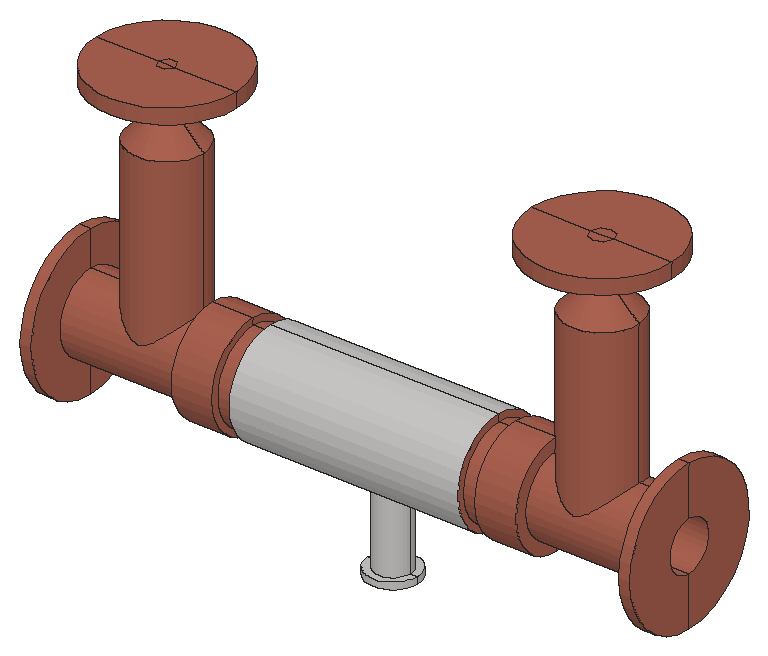
Revit family "Barracuda 40", category Pipe Accessories, Revit 2018
Family settings
  Round Connector Dimension = Use Radius
  Part Type = Valve - Breaks Into
  OmniClass Number = 23.65.55.14.21
  OmniClass Title = Non-Return Valves for Liquid Services
  Work Plane-Based = No
  Always vertical = Yes
  Cut with Voids When Loaded = No
  Shared = Yes
Parameters (values of type "2.5"")
  Warranty Information = "1 Year (Limited)"
  URL = "http://www.amesfirewater.com"
  Type Comments = ""
  Shipping Weight = 118.00 lbf
  Region = "North America"  # constant formula
  Product data url = "https://bimobject.com/ames-fire-and-waterworks/product/c400"
  Product Page URL = "http://www.amesfirewater.com/Products/C400_C400N_C400Z"
  Product Documentation Link = "http://media.wattswater.com/ES-A-C400-C400N-C400Z.pdf"
  Price = "Prices may vary. Please consult Manufacturer Representative for most up-to-date price list."  # constant formula
  Nominal Radius = 1.25"
  Nominal Height = 6.50"
  Nominal Diameter = Nominal Radius * 2  # 2.50"
  Model = "C400"  # constant formula
  Max. Working Pressure = " 175psi (12.1 bar)"  # constant formula
  Material = "304 Series-Stainless Steel"  # constant formula
  Manufacturer Product Line = "Backflow Prevention"  # constant formula
  Manufacturer = "AMES Fire & Waterworks"  # constant formula
  GV_Inlet_To_GV_Outlet = 30.69922"
  GV_Handle_Rad = 3.53125"
  GV_Handle_Height = 12.50"
  Description = "Series C400, C400N, C400Z Reduced Pressure Zone Assemblies prevent the reverse flow of polluted water from entering into the potable water supply due to backsiphonage and or backpressure. It consists of stainless steel body, sleeve and torsion spring check valves. Series C400, C400N, C400Z has a compact design that is 70% lighter than traditional designs, and is ideal for health hazard piping applications for protection against backsiphonage or backpressure. Check with local water authorities for installation requirements. Maximum Working Pressure: 175psi (12.06 bar)."  # constant formula
  Creation Date = "06/06/2022"  # constant formula
  Country = "United States"  # constant formula
  Connection Type = "Flanged Connection"  # constant formula
  Connection Size = Nominal Diameter  # 2.50"
  Connection Radius = Nominal Radius  # 1.25"
  Connection Outlet Description = "2.5\" Connection Outlet"
  Connection Inlet Description = "2.5\" Connection Inlet"
  Assembly Code = "D2090800"
Types (6): name | Shipping Weight | Nominal Radius | Nominal Height | Nominal Diameter | GV_Inlet_To_GV_Outlet | GV_Handle_Rad | GV_Handle_Height | Connection Size | Connection Radius | Connection Outlet Description | Connection Inlet Description
  (no name) | 118.00 lbf | 1.25" | 6.50" | 2.50" | 30.69922" | 3.53125" | 12.50" | 2.50" | 1.25" | "2.5\" Connection Outlet" | "2.5\" Connection Inlet"
  2.5" | 118.00 lbf | 1.25" | 6.50" | 2.50" | 30.69922" | 3.53125" | 12.50" | 2.50" | 1.25" | "2.5\" Connection Outlet" | "2.5\" Connection Inlet"
  3" | 134.00 lbf | 1.50" | 6.6875" | 3.00" | 31.60156" | 3.75" | 13.50" | 3.00" | 1.50" | "3\" Connection Outlet" | "3\" Connection Inlet"
  4" | 164.00 lbf | 2.00" | 7.00" | 4.00" | 33.69922" | 4.50" | 14.00" | 4.00" | 2.00" | "4\" Connection Outlet" | "4\" Connection Inlet"
  6" | 276.00 lbf | 3.00" | 8.50" | 6.00" | 42.69922" | 5.50" | 18.10156" | 6.00" | 3.00" | "6\" Connection Outlet" | "6\" Connection Inlet"
  8" | 441.00 lbf | 4.00" | 9.6875" | 8.00" | 44.60156" | 6.75" | 22.00" | 8.00" | 4.00" | "8\" Connection Outlet" | "8\" Connection Inlet"
Reference planes (in)
  plane 1 "Center (Front/Back)": y = 0
  plane 2: z = 0
  plane 3 "Center (Left/Right)": x = 0
  plane 4: x = -15.34961
  plane 5: x = 15.34961
  plane 6: z = 12.5
  plane 7: x = -10.96461
  plane 8: x = 10.96461
  plane 9: x = -8.66461
  plane 10: x = -6.61461
  plane 11: x = -5.74461
  plane 12: x = 8.66461
  plane 13: x = 6.61461
  plane 14: x = -14.79961
  plane 15: x = 14.79961
  plane 16: x = 14.49586
  plane 17: x = -14.49586
  plane 18: z = 1.25
  plane 19: z = 1.96733
  plane 20: z = 2.58
  plane 21: z = 3.74
  plane 22: z = 2.245
  plane 23: z = -1.25
  plane 24: z = -1.96733
  plane 25: z = -2.58
  plane 26: z = -3.74
  plane 27: z = -2.245
  plane 28: z = 0.5
  plane 29: z = -0.5
  plane 30: y = 1.25
  plane 31: y = -1.25
  plane 32: y = 1.85
  plane 33: y = -1.85
  plane 34: y = 12.57
  plane 35: y = 8.57
  plane 36: y = 0.58
  plane 37: y = -0.58
  plane 38: y = 1.96733
  plane 39: y = 2.245
  plane 40: y = 2.58
  plane 41: x = -8.13961
  plane 42: x = -7.13961
  plane 43: y = 3.74
  plane 44: y = 10.07
  plane 45: x = 8.13961
  plane 46: x = 7.13961
  plane 47: y = 11.07
  plane 48: y = -1.96733
  plane 49: y = -2.245
  plane 50: y = -2.58
  plane 51: y = -3.74
  plane 52: y = 1.25
  plane 53: y = 3.53125
  plane 54: y = -1.25
  plane 55: y = -3.53125
  plane 56: x = -15.375
  plane 57: x = -7.6875
  plane 58: x = 0
  plane 59: x = 7.6875
  plane 60: x = 15.375
  plane 61: x = -3.02
  plane 62: x = -8.66461
  plane 63: x = -6.61461
  plane 64: x = -5.74461
  plane 65: x = 0.42539
  plane 66: x = 5.74461
Forms (in)
  Revolve 1, solid, material "Metal-AMES-Bronze Nickel Plated"
    sketch origin (-15.74, 0, 0) x (1, 0, 0) y (0, 0, 1)
      loop
        line (7.07539, 1.96733) -> (0.94039, 1.96733) -> (0.94039, 3.74) -> (0.39039, 3.74) -> (0.39039, 1.25) -> (2.92419, 1.25) -> (2.92419, 0) -> (28.5608, 0) -> (28.5608, 1.25) -> (31.08961, 1.25) -> (31.08961, 3.74) -> (30.53961, 3.74) -> (30.53961, 1.96733) -> (24.40461, 1.96733) -> (24.40461, 2.58) -> (22.35461, 2.58) -> (22.35461, 2.245) -> (21.48461, 2.245) -> (21.48461, 2.58) -> (9.99539, 2.58) -> (9.99539, 2.245) -> (9.12539, 2.245) -> (9.12539, 2.58) -> (7.07539, 2.58) -> (7.07539, 1.96733)
      axis (0.39039, 0) -> (31.08961, 0)
    angle from 0 to 360
  Revolve 2, solid, material "Metal-AMES-304 Series-Stainless Steel"
    sketch origin (-15.292, 0, 0) x (1, 0, 0) y (0, 0, 1)
      loop
        line (15.33739, 0.5) -> (15.33739, -0.08) -> (14.83739, -0.08) -> (14.83739, -6.1734) -> (14.46739, -6.1734) -> (14.46739, -6.5) -> (15.71739, -6.5) -> (15.71739, 0.5) -> (15.33739, 0.5)
      axis (15.71739, 0.5) -> (15.71739, -6.5)
    angle from 0 to 360
  Revolve 3, solid, material "Metal-AMES-Bronze Nickel Plated"
    sketch origin (17.115, 0, 0) x (-1, 0, 0) y (0, 0, -1)
      loop
        line (6.15039, 0) -> (4.30039, 0) -> (4.30039, -9.1125) -> (5.60039, -10.4125) -> (5.60039, -11.75) -> (2.61914, -11.75) -> (2.61914, -12.5) -> (5.58851, -12.5) -> (6.15039, -12.5) -> (6.15039, 0)
      axis (6.15039, -12.5) -> (6.15039, 0)
    angle from 0 to 360
  Revolve 4, solid, material "Metal-AMES-Bronze Nickel Plated"
    sketch origin (-17.115, 0, 0) x (1, 0, 0) y (0, 0, 1)
      loop
        line (6.15039, 0) -> (6.15039, 12.5) -> (5.73512, 12.5) -> (2.61914, 12.5) -> (2.61914, 11.75) -> (5.60039, 11.75) -> (5.60039, 10.4125) -> (4.30039, 9.1125) -> (4.30039, 0) -> (6.15039, 0)
      axis (6.15039, 12.5) -> (6.15039, 0)
    angle from 0 to 360
Lines and regions (in)
  Masking region 1, detail levels fine
    outline origin (0, 0, 0) x (1, 0, 0) y (0, 1, 0)
      loop
        line (-15.34961, 3.74) -> (-15.34961, -3.74) -> (-14.79961, -3.74) -> (-14.79961, -1.96733) -> (-8.66461, -1.96733) -> (-8.66461, -2.58) -> (-6.61461, -2.58) -> (-6.61461, -2.245) -> (-5.74461, -2.245) -> (-5.74461, -2.58) -> (0, -2.58) -> (0, -2.245) -> (6.61461, -2.245) -> (6.61461, -2.58) -> (8.66461, -2.58) -> (8.66461, -1.96733) -> (14.79961, -1.96733) -> (14.79961, -3.74) -> (15.34961, -3.74) -> (15.34961, 3.74) -> (14.79961, 3.74) -> (14.79961, 1.96733) -> (8.66461, 1.96733) -> (8.66461, 2.58) -> (6.61461, 2.58) -> (6.61461, 2.245) -> (0, 2.245) -> (0, 2.58) -> (-5.74461, 2.58) -> (-5.74461, 2.245) -> (-6.61461, 2.245) -> (-6.61461, 2.58) -> (-8.66461, 2.58) -> (-8.66461, 1.96733) -> (-14.79961, 1.96733) -> (-14.79961, 3.74) -> (-15.34961, 3.74)
  Masking region 2, detail levels fine
    outline origin (0, 0, 0) x (1, 0, 0) y (0, 1, 0)
      loop
        circle (-10.96461, 0) r 3.53125
      loop
        circle (10.96461, 0) r 3.53125
  symbolic lines, style "PipeAccessory", detail levels fine
    curve 1: line (-14.79961, -1.96733, 0) -> (-14.79961, 1.96733, 0)
    curve 2: line (-6.61461, -2.245, 0) -> (-6.61461, 2.245, 0)
    curve 3: line (-5.74461, -2.245, 0) -> (-5.74461, 2.245, 0)
    curve 4: line (0, -2.245, 0) -> (0, 2.245, 0)
    curve 5: line (6.61461, -2.245, 0) -> (6.61461, 2.245, 0)
    curve 6: line (-8.13961, 2.58, 0) -> (-7.13961, 2.58, 0)
    curve 7: line (7.13961, 2.58, 0) -> (8.13961, 2.58, 0)
    curve 8: line (14.79961, 1.96733, 0) -> (14.79961, -1.96733, 0)
    curve 9: circle (0.42539, 0, 0) r 0.38 normal (0, 0, 1)
    curve 10: circle (0.42539, 0, 0) r 0.88 normal (0, 0, 1)
    curve 11: circle (0.42539, 0, 0) r 1.25 normal (0, 0, 1)
  model lines, detail levels coarse+medium
    curve 12: line (-15.375, 1.41021, 0) -> (-15.375, -1.41021, 0)
    curve 13: line (-7.6875, 1.41021, 0) -> (-7.6875, -1.41021, 0)
    curve 14: line (-7.6875, 1.41021, 0) -> (0, -1.41021, 0)
    curve 15: line (0, -1.41021, 0) -> (0, 1.41021, 0)
    curve 16: line (-7.6875, 1.41021, 0) -> (-15.375, -1.41021, 0)
    curve 17: line (-15.375, 1.41021, 0) -> (-7.6875, -1.41021, 0)
    curve 18: line (-11.53125, 0, 0) -> (-11.53125, 1.41021, 0)
    curve 19: line (-11.53125, 1.41021, 0) -> (-11.05284, 1.41021, 0)
    curve 20: line (7.6875, 1.41021, 0) -> (7.6875, -1.41021, 0)
    curve 21: line (15.375, 1.41021, 0) -> (15.375, -1.41021, 0)
    curve 22: line (15.375, 1.41021, 0) -> (7.6875, -1.41021, 0)
    curve 23: line (7.6875, 1.41021, 0) -> (15.375, -1.41021, 0)
    curve 24: line (11.53125, 0, 0) -> (11.53125, 1.41021, 0)
    curve 25: line (11.05128, 1.41021, 0) -> (11.53125, 1.41021, 0)
    curve 26: line (0, 1.41021, 0) -> (7.6875, -1.41021, 0)
Dimensions and locks (in)
  "GV_Inlet_To_GV_Outlet": plane 5 to plane 4
  "GV_Handle_Height": plane 6 to plane 2
  equal spacing: plane 8, plane 3 "Center (Left/Right)", plane 7
  locked: plane 7 to plane 4 at 4.385
  locked: plane 8 to plane 5 at 4.385
  locked: plane 9 to plane 7 at 2.3
  locked: plane 8 to plane 12 at 2.3
  locked: plane 9 to plane 10 at 2.05
  locked: plane 10 to plane 11 at 0.87
  locked: plane 12 to plane 13 at 2.05
  locked: plane 14 to plane 4 at 0.55
  locked: plane 5 to plane 15 at 0.55
  "GV_Handle_Rad": plane 8 to plane 16
  locked: Revolve 1 sketch curve to plane 18 at 2.49  (x2)
  "Nominal Radius": plane 18 to plane 2
  locked: Revolve 1 sketch curve to plane 18 at 0.71733  (x2)
  locked: Revolve 1 sketch curve to plane 18 at 1.33
  locked: Revolve 1 sketch curve to plane 18 at 0.995
  "GV_Handle_Rad": plane 17 to plane 7
  locked: plane 8 to Revolve 1 sketch curve at 1.85619
  locked: plane 7 to Revolve 1 sketch curve at 1.8512
  locked: plane 19 to plane 18 at 0.71733
  locked: plane 20 to plane 19 at 0.61267
  locked: plane 21 to plane 22 at 1.495
  locked: plane 22 to plane 18 at 0.995
  locked: Revolve 4 sketch curve to plane 7 at 1.85
  locked: plane 8 to Revolve 3 sketch curve at 1.85
  "Nominal Radius": level to plane 23
  locked: plane 25 to plane 24 at 0.61267
  locked: plane 26 to plane 27 at 1.495
  locked: plane 23 to plane 24 at 0.71733
  locked: plane 23 to plane 27 at 0.995
  plane 7 to plane 41 to plane 42 = 2.825" locked, 1.00" locked
  plane 46 to plane 45 to plane 8 = 1.00" locked, 2.825" locked
  plane 43 to plane 40 to plane 39 to plane 38 to plane 52 = 1.16" locked, 0.335" locked, 0.27767" locked, 0.71733" locked
  "Nominal Radius": plane 52 to plane 1 "Center (Front/Back)"
  "GV_Handle_Rad": plane 53 to plane 1 "Center (Front/Back)"
  plane 51 to plane 50 to plane 49 to plane 48 to plane 54 = 1.16" locked, 0.335", 0.27767", 0.71733" locked
  "Nominal Radius": plane 54 to plane 1 "Center (Front/Back)"
  "GV_Handle_Rad": plane 1 "Center (Front/Back)" to plane 55
  plane 5 to plane 4 = 30.69922"
  locked: plane 56 to plane 57 at 7.6875
  locked: plane 57 to plane 58 at 7.6875
  locked: plane 58 to plane 59 at 7.6875
  locked: plane 59 to plane 60 at 7.6875
  locked: curve 19 to plane 57 at 3.36534
  plane 59 to curve 25 = 3.36378"
  equal spacing: plane 56, curve 18, plane 57
  equal spacing: plane 59, curve 24, plane 60
  locked: plane 62 to plane 7 at 2.3
  locked: plane 62 to plane 63 at 2.05
  locked: plane 63 to plane 64 at 0.87
  plane 64 to plane 58 to plane 65 = 5.74461", 0.42539"
  "Nominal Height": level to Revolve 2 sketch curve
  locked: Revolve 2 sketch curve to plane 65 at 0.88
  locked: Revolve 2 sketch curve to plane 65 at 1.25
  locked: Revolve 2 sketch curve to Revolve 2 sketch curve at 0.3266
  locked: plane 66 to plane 13 at 0.87
  plane 6 to Revolve 4 sketch curve to Revolve 4 sketch curve to Revolve 4 sketch curve = 0.75" locked, 1.3375" locked, 1.30" locked
  plane 6 to Revolve 3 sketch curve to Revolve 3 sketch curve to Revolve 3 sketch curve = 0.75" locked, 1.3375" locked, 1.30" locked
  Revolve 2 sketch curve to level to Revolve 2 sketch curve = 0.50" locked, 0.08" locked
  aligned and locked: Revolve 3 sketch curve to plane 16
  aligned and locked: plane 6 to Revolve 3  (x2)
  aligned and locked: Revolve 4 sketch curve to plane 17
  aligned and locked: Revolve 4 to plane 6
  aligned and locked: plane 18 to Revolve 1 sketch curve
  aligned and locked: Revolve 4 sketch curve to level
  aligned and locked: level to Revolve 1 sketch curve
  aligned and locked: Revolve 1 sketch curve to plane 20
  aligned and locked: Revolve 1 to plane 4
  aligned and locked: plane 5 to Revolve 1
  aligned and locked: Revolve 1 to plane 15  (x2)
  aligned and locked: Masking region 1 sketch curve to plane 43
  aligned and locked: Masking region 1 sketch curve to plane 51
  aligned and locked: Masking region 1 sketch curve to Masking region 1 sketch curve  (x3)
  aligned and locked: Masking region 1 sketch curve to plane 40
  aligned and locked: plane 50 to Masking region 1 sketch curve
  aligned and locked: Masking region 1 sketch curve to plane 39
  aligned and locked: plane 49 to Masking region 1 sketch curve
  aligned and locked: Masking region 1 to plane 15  (x2)
  aligned and locked: Masking region 1 to Revolve 1
  aligned and locked: Masking region 1 to curve 8  (x2)
  aligned and locked: Masking region 1 to curve 5  (x2)
  aligned and locked: Masking region 1 to curve 4  (x2)
  aligned and locked: Masking region 1 to curve 3  (x2)
  aligned and locked: Masking region 1 to curve 2  (x2)
  aligned and locked: Masking region 1 to curve 1  (x2)
  aligned and locked: Masking region 1 to curve 6
  aligned and locked: curve 10 to Revolve 2
  aligned and locked: curve 9 to Revolve 2
  aligned and locked: Masking region 2 sketch curve to Revolve 4
  aligned and locked: Masking region 2 sketch curve to Revolve 3
  aligned and locked: curve 12 to plane 56
  aligned and locked: curve 13 to plane 57
  aligned and locked: plane 58 to curve 15
  aligned and locked: curve 20 to plane 59
  aligned and locked: curve 21 to plane 60
  aligned and locked: plane 3 "Center (Left/Right)" to plane 58
  aligned and locked: plane 65 to Revolve 2 sketch curve
  aligned and locked: plane 2 to Revolve 3 sketch curve
  aligned and locked: plane 12 to Revolve 1 sketch curve
  aligned and locked: Revolve 1 sketch curve to plane 9
  aligned and locked: plane 10 to Revolve 1 sketch curve
  aligned and locked: Revolve 1 sketch curve to plane 11
  aligned and locked: Revolve 1 sketch curve to plane 13
  aligned and locked: plane 14 to Revolve 1
  aligned and locked: Revolve 1 sketch curve to plane 22
  aligned and locked: plane 66 to Revolve 1 sketch curve
Automatic sketch dimensions
  Revolve 4 sketch curve to level = 0.00"
  Revolve 4 sketch curve to plane 7 = 0.00"  (x2)
  Revolve 4 sketch curve to plane 7 = 0.55"
  plane 50 to Masking region 1 sketch curve = 0.00"  (x2)
  plane 48 to Masking region 1 sketch curve = 0.00"  (x2)
  Masking region 1 sketch curve to plane 38 = 0.00"  (x2)
  Masking region 1 sketch curve to plane 39 = 0.00"
  plane 41 to Masking region 1 sketch curve = 0.525"  (x2)
  Masking region 1 sketch curve to plane 42 = 0.525"
  Masking region 1 sketch curve to plane 46 = 0.525"  (x2)
  plane 45 to Masking region 1 sketch curve = 0.525"  (x2)
  Masking region 1 sketch curve to plane 15 = 0.00"  (x2)
  curve 8 to plane 15 = 0.00"
  plane 34 to curve 26 = 13.98021"
  curve 12 to curve 22 = 0.00"
  curve 20 to curve 23 = 0.00"
  curve 12 to curve 13 = 0.00"
  curve 13 to curve 14 = 0.00"
  curve 12 to curve 18 = 2.82042"
  curve 26 to curve 20 = 2.82042"
  curve 13 to curve 16 = 2.82042"
  curve 21 to curve 21 = 2.82042"
  curve 14 to curve 15 = 2.82042"
  curve 12 to curve 17 = 2.82042"
  curve 24 to curve 24 = 1.41021"
  Masking region 1 sketch curve to Masking region 1 sketch curve = 2.05"
  Masking region 1 sketch curve to plane 40 = 0.00"  (x2)
  curve 6 to plane 41 = 0.00"
  curve 6 to plane 42 = 0.00"
  curve 7 to plane 40 = 0.00"
  curve 7 to plane 46 = 0.00"
  curve 7 to plane 45 = 0.00"
  curve 9 to curve 11 = 0.00"  (x2)
  curve 1 to plane 14 = 0.00"
  curve 4 to plane 3 "Center (Left/Right)" = 0.00"
  curve 2 to plane 42 = 0.525"
  curve 2 to curve 3 = 0.87"
  curve 5 to plane 46 = 0.525"
  Masking region 1 sketch curve to plane 4 = 0.00"
  Masking region 1 sketch curve to plane 14 = 0.00"  (x2)
  Masking region 1 sketch curve to plane 3 "Center (Left/Right)" = 0.00"  (x2)
  Masking region 1 sketch curve to plane 5 = 0.00"
  Masking region 1 sketch curve to Masking region 1 sketch curve = 0.87"  (x2)
  plane 65 to Revolve 2 sketch curve = 0.00"
  Revolve 2 sketch curve to Revolve 2 sketch curve = 0.05"
  Revolve 2 sketch curve to Revolve 2 sketch curve = 2.47"
  Revolve 2 sketch curve to Revolve 2 sketch curve = 0.38"
  Revolve 1 sketch curve to plane 4 = 0.00"
  plane 14 to Revolve 1 sketch curve = 0.00"
  Revolve 1 sketch curve to level = 0.00"
  Revolve 1 sketch curve to plane 15 = 0.00"
  plane 5 to Revolve 1 sketch curve = 0.00"
  Revolve 1 sketch curve to plane 18 = 0.00"
  Revolve 1 sketch curve to plane 20 = 0.00"
  Revolve 1 sketch curve to plane 9 = 0.135"
  Revolve 1 sketch curve to plane 13 = 3.14"
  Revolve 4 sketch curve to Revolve 4 sketch curve = 0.125"
  Revolve 4 sketch curve to plane 6 = 0.00"
  Revolve 4 sketch curve to Revolve 4 sketch curve = 0.41527"
  Revolve 3 sketch curve to plane 6 = 0.00"
  plane 8 to Revolve 3 sketch curve = 0.00"  (x2)
  Revolve 3 sketch curve to level = 0.00"
  Revolve 3 sketch curve to plane 8 = 0.56188"
  Revolve 3 sketch curve to plane 8 = 0.55"
  Revolve 3 sketch curve to Revolve 3 sketch curve = 2.625"
  radius of curve 11 = 1.25"
Connectors (in)
  piping at (-15.34961, 0, 0), diameter 2.5, driven by "Connection Inlet Description", driven by "Connection Radius"
    settings: on Revolve 1, index 1, connector inside diameter 24", connector length 0.00", flow factor 0, pipe flow 0 GPM, pressure drop 0.00 psi, fitting loss kfactor 0, connector angle 0.00°, fixture units 0, engagement length 0.00", angle of deflection 0.00°, flow configuration 0, flow direction 1, fitting loss method 0, system type 29, joint type 0, gender type 0, connector reference index 2, connector utility 0, adjustable connector no, is connector primary yes, connector description "2.5\" Connection Inlet"
  piping at (15.34961, 0, 0), diameter 2.5, driven by "Connection Radius", driven by "Connection Outlet Description"
    settings: on Revolve 1, index 2, connector inside diameter 24", connector length 0.00", flow factor 0, pipe flow 0 GPM, pressure drop 0.00 psi, fitting loss kfactor 0, connector angle 0.00°, fixture units 0, engagement length 0.00", angle of deflection 0.00°, flow configuration 0, flow direction 2, fitting loss method 0, system type 29, joint type 0, gender type 0, connector reference index 1, connector utility 0, adjustable connector no, is connector primary no, connector description "2.5\" Connection Outlet"
